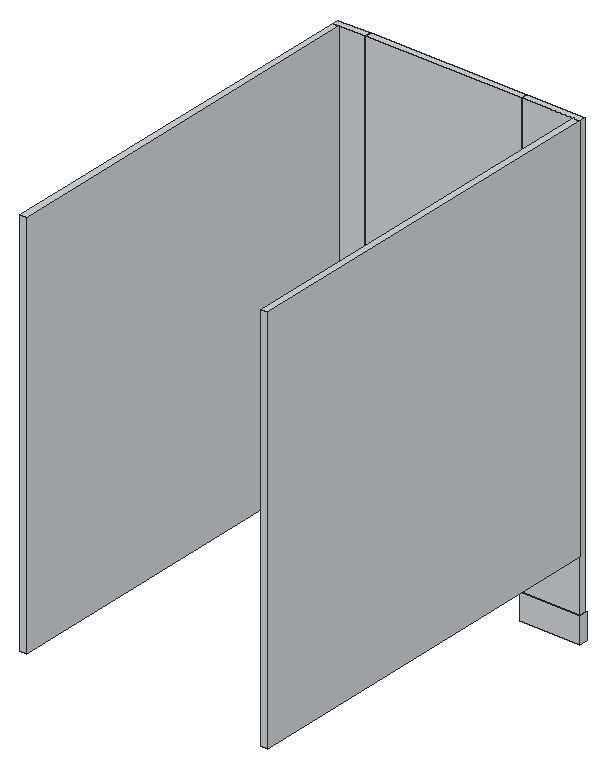
Revit family "API_MY_Restroom Stall_45_other", category Generic Models, Revit 2025
Family settings
  Can host rebar = No
  Round Connector Dimension = Use Diameter
  Part Type = Normal
  OmniClass Number = 23.25.40.14.14.11
  OmniClass Title = Toilet Compartments and Urinal Screens
  Work Plane-Based = No
  Always vertical = Yes
  Cut with Voids When Loaded = No
  Maintain Annotation Orientation = No
  Shared = No
  Room Calculation Point = No
Parameters (values of type "Stall")
  TO Panel = 6' - 0"
  Switch Door Swing [instance] = yes
  Stall Door Width [instance] = 2' - 0"
  Stall Door Shift = 0' - 0"
  Stall Clear Depth [instance] = 5' - 0"
  Stall Clear Width [instance] = 3' - 0"
  Show Door Swing in Elevation [instance] = yes
  Pilaster2Width [instance] = (Stall Clear Width - Stall Door Width) - (Door Offset)  # 0' - 8"
  Door Offset [instance] = 0' - 4"
  Pilaster Shoe Height = 0' - 4"
  Pilaster Shoe Finish (Material) [instance] = none
  Panel on Side 2 [instance] = yes
  Panel on Side 1 [instance] = yes
  Panel Thickness = 0' - 1"
  Panel Finish (Material) [instance] = none
  Keynote = "10 2113.14.TA-14"
  Door Swings In [instance] = yes
  Default Elevation = 0' - 0"
  BO Panel = 1' - 0"
  Assembly Code = "C1010400"
  ACM Version = "1.0"  # constant formula
Reference planes (in)
  plane 1 "Center (Front/Back)": y = 0
  plane 2: z = 0
  plane 3 "Center (Left/Right)": x = 0
  plane 4: y = 60
  plane 5: x = 36
  plane 6: x = 4
  plane 7: y = 85
Lines and regions (in)
  symbolic lines, style "InvisibleLines"
    curve 1: line (18, 0, 0) -> (18, 6, 0)
    curve 2: line (0, 0, 0) -> (36, 0, 0)
Dimensions and locks (in)
  "Stall Clear Depth": plane 4 to plane 1 "Center (Front/Back)"
  "Stall Clear Width": plane 3 "Center (Left/Right)" to plane 5
  locked: plane 3 "Center (Left/Right)" to curve 1 at 18
  "Door Offset": plane 3 "Center (Left/Right)" to plane 6
  locked: nested 3 to plane 4 at 1
  aligned and locked: plane 2 to level
  aligned and locked: plane 3 "Center (Left/Right)" to nested 2
  aligned and locked: plane 1 "Center (Front/Back)" to nested 2
  aligned and locked: nested 1 to plane 5
  aligned and locked: plane 1 "Center (Front/Back)" to nested 1
  aligned and locked: nested 4 to plane 4
  aligned and locked: plane 3 "Center (Left/Right)" to nested 4
  aligned and locked: plane 5 to nested 5
  aligned and locked: nested 5 to plane 4
  aligned and locked: plane 1 "Center (Front/Back)" to curve 1
  aligned and locked: plane 1 "Center (Front/Back)" to curve 2
  aligned and locked: nested 3 to plane 6
  aligned and locked: plane 6 to nested 4
Automatic sketch dimensions
  curve 2 to plane 3 "Center (Left/Right)" = 0' - 0"
  curve 2 to plane 5 = 0' - 0"
  curve 1 to plane 1 "Center (Front/Back)" = 0' - 6"
Nested families (in)
  nested 1: "102113_Panel" at (36.5, 0, 0), TO Panel <- "TO Panel", Panel Thickness <- "Panel Thickness", BO Panel <- "BO Panel", visible <- "Panel on Side 2", Panel Finish (Material) <- "Panel Finish (Material)", Panel Length <- "Stall Clear Depth", type "102113_Panel"
    with TO Panel 6' - 0", Panel Thickness 0' - 1", Panel Length 5' - 0", Panel Finish (Material) none, BO Panel 1' - 0"
  nested 2: "102113_Panel" at (-0.5, 0, 0), TO Panel <- "TO Panel", Panel Thickness <- "Panel Thickness", BO Panel <- "BO Panel", visible <- "Panel on Side 1", Panel Length <- "Stall Clear Depth", type "102113_Panel"
    with TO Panel 6' - 0", Panel Thickness 0' - 1", Panel Length 5' - 0", Panel Finish (Material) none, BO Panel 1' - 0"
  nested 3: "Partiton_Door45" at (15, 60.5, 0), Show Door Swing in Elev <- "Show Door Swing in Elevation", Door Swings Left <- "Switch Door Swing", Door Swings In <- "Door Swings In", Panel Finish (Material) <- "Panel Finish (Material)", Panel Thickness <- "Panel Thickness", TO Door <- "TO Panel", Door Shift <- "Stall Door Shift", Door Width <- "Stall Door Width", BO Door <- "BO Panel", type "Partiton_Door45"
    with TO Door 6' - 0", Show Door Swing in Elev yes, RightSwingVis no, RHR no, RH no, Panel Thickness 0' - 1", Panel Finish (Material) none, OffsetDriver 1' - 0", LeftSwingVis yes, LHR yes, LH no, Door Width 2' - 0", Door Swings Right no, Door Swings Out no, Door Swings Left yes, Door Swings In yes, Door Shift 0' - 0", Door Panel yes, BO Door 1' - 0"
  nested 4: "Left_End Pilaster_FA" at (0, 60, 0), Pilaster Shoe Finish (Material) <- "Pilaster Shoe Finish (Material)", Panel Finish (Material) <- "Panel Finish (Material)", TO Pilaster <- "TO Panel", Pilaster Width <- "Door Offset", Pilaster Shoe Height <- "Pilaster Shoe Height", Panel Thickness <- "Panel Thickness", Adjacent to Panel <- "Panel on Side 1", type "Left_End Pilaster_FA"
    with TO Pilaster 6' - 0", Pilaster Width 0' - 4", Pilaster Shoe Height 0' - 4", Pilaster Shoe Finish (Material) none, Panel Thickness 0' - 1", Panel Finish (Material) none, OffsetDriver 0' - 1", Front Panel yes, Adjacent to Panel yes
  nested 5: "ACM_Right_End Pilaster_FA" at (36, 61, 0) x (-1, 0, 0) z (0, 0, 1), TO Pilaster <- "TO Panel", Pilaster Width <- "Pilaster2Width", Pilaster Shoe Height <- "Pilaster Shoe Height", Panel Thickness <- "Panel Thickness", type "ACM_Right_End Pilaster_FA"
    with TO Pilaster 6' - 0", Pilaster Width 0' - 8", Pilaster Shoe Height 0' - 4", Pilaster Shoe Finish (Material) none, Panel Thickness 0' - 1", Panel Finish (Material) none, OffsetDriver 0' - 1", Front Panel yes, Adjacent to Panel yes
Definition of nested family "102113_Panel"
  Parameters
    TO Panel [instance] = 5' - 10"
    Panel Length [instance] = 5' - 0"
    Panel Thickness [instance] = 0' - 1"
    Panel Finish (Material) [instance] = none
    Default Elevation = 0' - 0"
    BO Panel [instance] = 1' - 0"
    Assembly Code = ""
  Reference planes (in)
    plane 1 "Front": y = 0
    plane 2: z = 0
    plane 3 "Center (Left/Right)": x = 0
    plane 4 "Back": y = 60
    plane 5: x = 0.5
    plane 6: x = -0.5
  Forms (in)
    Extrusion 1, solid, material <- "Panel Finish (Material)"
      sketch origin (0, 0, 0) x (1, 0, 0) y (0, 1, 0)
        loop
          line (-0.5, 0) -> (0.5, 0) -> (0.5, 60) -> (-0.5, 60) -> (-0.5, 0)
      from 12 <- "BO Panel" to 70 <- "TO Panel"
  Dimensions and locks (in)
    "Panel Length": plane 4 "Back" to plane 1 "Front"
    equal spacing: plane 6, plane 3 "Center (Left/Right)", plane 5
    "Panel Thickness": plane 6 to plane 5
    aligned and locked: plane 1 "Front" to Extrusion 1 sketch curve
    aligned and locked: plane 5 to Extrusion 1 sketch curve
    aligned and locked: plane 4 "Back" to Extrusion 1 sketch curve
    aligned and locked: Extrusion 1 sketch curve to plane 6
Definition of nested family "Partiton_Door45"
  Parameters (values of type "Partiton_Door45")
    Show Door Swing in Elev [instance] = yes
    RightSwingVis [instance] = and(Show Door Swing in Elev, Door Swings Right)  # yes
    RHR [instance] = and(Door Swings Right, Door Swings In)  # yes
    RH [instance] = and(Door Swings Right, Door Swings Out)  # no
    Panel Thickness [instance] = 0' - 1"
    TO Door [instance] = 5' - 10"
    Panel Finish (Material) [instance] = none
    Door Shift [instance] = 0' - 0"
    LeftSwingVis [instance] = and(Show Door Swing in Elev, Door Swings Left)  # no
    OffsetDriver [instance] = Door Width / 2 + Door Shift  # 1' - 3"
    LHR [instance] = and(Door Swings Left, Door Swings In)  # no
    LH [instance] = and(Door Swings Left, Door Swings Out)  # no
    Door Width [instance] = 2' - 6"
    Door Swings Right [instance] = not(Door Swings Left)  # yes
    Door Swings Out [instance] = not(Door Swings In)  # no
    Door Swings Left [instance] = no
    Door Swings In [instance] = yes
    Door Panel [instance] = yes
    Default Elevation = 0' - 0"
    BO Door [instance] = 1' - 0"
    Assembly Code = ""
  Reference planes (in)
    plane 1 "Center (Front/Back)": y = 0
    plane 2: z = 0
    plane 3 "Center (Left/Right)": x = 1
    plane 4: z = 12
    plane 5: z = 70
    plane 6 "Door Front": y = 0.5
    plane 7: y = -0.5
    plane 8: x = 16
    plane 9: x = -14
    plane 10: y = -30.5
    plane 11: x = -13
    plane 12: y = 30.5
    plane 13: x = 15
  Forms (in)
    Extrusion 1, solid, material <- "Panel Finish (Material)", visible <- "Door Panel"
      sketch origin (0, 0, 0) x (1, 0, 0) y (0, 1, 0)
        loop
          line (-14, -0.5) -> (16, -0.5) -> (16, 0.5) -> (-14, 0.5) -> (-14, -0.5)
      from 12 <- "BO Door" to 70 <- "TO Door"
  Lines and regions (in)
    symbolic lines, visible <- "LHR"
      curve 1: arc (16, -0.5, 0) -> (13.71639, -11.9805, 0) -> (7.2132, -21.7132, 0) r 30
      curve 17: line (-14, -0.5, 0) -> (-13.29289, 0.20711, 0)
      curve 18: line (7.2132, -21.7132, 0) -> (-14, -0.5, 0)
      curve 19: line (7.92031, -21.0061, 0) -> (7.2132, -21.7132, 0)
      curve 20: line (-13.29289, 0.20711, 0) -> (7.92031, -21.0061, 0)
    symbolic lines, visible <- "LH"
      curve 2: arc (16, 0.5, 0) -> (13.71639, 11.9805, 0) -> (7.2132, 21.7132, 0) r 30
      curve 9: line (7.2132, 21.7132, 0) -> (7.92031, 21.0061, 0)
      curve 10: line (-14, 0.5, 0) -> (7.2132, 21.7132, 0)
      curve 11: line (-13.29289, -0.20711, 0) -> (-14, 0.5, 0)
      curve 12: line (7.92031, 21.0061, 0) -> (-13.29289, -0.20711, 0)
    symbolic lines, visible <- "RH"
      curve 3: arc (-5.2132, 21.7132, 0) -> (-11.71639, 11.9805, 0) -> (-14, 0.5, 0) r 30
      curve 13: line (16, 0.5, 0) -> (15.29289, -0.20711, 0)
      curve 14: line (-5.2132, 21.7132, 0) -> (16, 0.5, 0)
      curve 15: line (-5.92031, 21.0061, 0) -> (-5.2132, 21.7132, 0)
      curve 16: line (15.29289, -0.20711, 0) -> (-5.92031, 21.0061, 0)
    symbolic lines, visible <- "RHR"
      curve 4: arc (-5.2132, -21.7132, 0) -> (-11.71639, -11.9805, 0) -> (-14, -0.5, 0) r 30
      curve 21: line (16, -0.5, 0) -> (15.29289, 0.20711, 0)
      curve 22: line (-5.2132, -21.7132, 0) -> (16, -0.5, 0)
      curve 23: line (-5.92031, -21.0061, 0) -> (-5.2132, -21.7132, 0)
      curve 24: line (15.29289, 0.20711, 0) -> (-5.92031, -21.0061, 0)
    model lines, visible <- "LeftSwingVis"
      curve 5: line (16, 0.5, 70) -> (-14, 0.5, 41)
      curve 6: line (-14, 0.5, 41) -> (16, 0.5, 12)
    model lines, visible <- "RightSwingVis"
      curve 7: line (-14, 0.5, 70) -> (16, 0.5, 41)
      curve 8: line (16, 0.5, 41) -> (-14, 0.5, 12)
  Dimensions and locks (in)
    equal spacing: plane 7, plane 1 "Center (Front/Back)", plane 6 "Door Front"
    "Panel Thickness": plane 6 "Door Front" to plane 7
    "Door Width": plane 9 to plane 8
    "Door Width": plane 7 to plane 10
    "Panel Thickness": plane 9 to plane 11
    equal spacing: plane 4, curve 6, plane 5
    "Door Width": plane 12 to plane 6 "Door Front"
    equal spacing: plane 5, curve 8, plane 4
    "Panel Thickness": plane 13 to plane 8
    "BO Door": plane 4 to level
    "TO Door": plane 5 to level
    "OffsetDriver": plane 9 to plane 3 "Center (Left/Right)"
    aligned and locked: plane 9 to Extrusion 1 sketch curve
    aligned and locked: plane 6 "Door Front" to Extrusion 1 sketch curve
    aligned and locked: plane 8 to Extrusion 1 sketch curve
    aligned and locked: Extrusion 1 sketch curve to plane 7
  Automatic sketch dimensions
    curve 5 to plane 5 = 0' - 0"
    curve 5 to plane 8 = 0' - 0"
    curve 5 to plane 9 = 0' - 0"
    curve 6 to plane 4 = 0' - 0"
    curve 6 to plane 8 = 0' - 0"
    curve 7 to plane 5 = 0' - 0"
    curve 7 to plane 9 = 0' - 0"
    curve 8 to plane 8 = 0' - 0"
    curve 8 to plane 4 = 0' - 0"
    curve 8 to plane 9 = 0' - 0"
    curve 1 to plane 7 = 0' - 0"
    curve 1 to plane 9 = 0' - 0"
    curve 10 to plane 6 "Door Front" = 0' - 0"
    curve 10 to plane 9 = 0' - 0"
    curve 2 to plane 6 "Door Front" = 0' - 0"
    curve 2 to plane 9 = 0' - 0"
    curve 18 to plane 7 = 0' - 0"
    curve 18 to plane 9 = 0' - 0"
    curve 13 to plane 6 "Door Front" = 0' - 0"
    curve 13 to plane 8 = 0' - 0"
    curve 4 to plane 8 = 0' - 0"
    curve 22 to plane 7 = 0' - 0"
    curve 22 to plane 8 = 0' - 0"
    curve 1 to plane 8 = 0' - 0"
    curve 3 to plane 8 = 0' - 0"
    curve 2 to plane 8 = 0' - 0"
    curve 20 to plane 1 "Center (Front/Back)" = 0' - 0.20711"
    curve 10 to curve 20 = 0' - 0.70711"
    plane 1 "Center (Front/Back)" to curve 12 = 0' - 0.20711"
    curve 12 to curve 17 = 0' - 0"
    curve 24 to plane 3 "Center (Left/Right)" = 0' - 6.92031"
    curve 15 to plane 3 "Center (Left/Right)" = 0' - 6.92031"
    curve 15 to curve 14 = 0' - 0.70711"
    curve 23 to curve 23 = 0' - 0.70711"
Definition of nested family "Left_End Pilaster_FA"
  Parameters (values of type "102113_End Pilaster_FA")
    TO Pilaster [instance] = 6' - 10"
    Pilaster Width [instance] = 0' - 4"
    Pilaster Shoe Height [instance] = 0' - 4"
    Panel Thickness [instance] = 0' - 1"
    Front Panel [instance] = yes
    Default Elevation = 0' - 0"
    Adjacent to Panel [instance] = yes
    Pilaster Shoe Finish (Material) [instance] = none
    Panel Finish (Material) [instance] = none
    OffsetDriver [instance] = if(Adjacent to Panel, Panel Thickness, 0' 0")  # 0' - 1"
  Reference planes (in)
    plane 1 "Center (Front/Back)": y = 0
    plane 2: z = 0
    plane 3 "Center (Left/Right)": x = 0
    plane 4: x = 4
    plane 5: x = -1
    plane 6: y = 1
    plane 7: z = 4
    plane 8: z = 82
  Forms (in)
    Extrusion 1, solid, material <- "Pilaster Shoe Finish (Material)", visible <- "Front Panel"
      sketch origin (0, 0, 0) x (1, 0, 0) y (0, 1, 0)
        loop
          line (-1.125, 1.125) -> (-1.125, -0.125) -> (4.125, -0.125) -> (4.125, 1.125) -> (-1.125, 1.125)
      from 0 to 4
    Extrusion 2, solid, material <- "Panel Finish (Material)", visible <- "Front Panel"
      sketch origin (0, 0, 0) x (1, 0, 0) y (0, 1, 0)
        loop
          line (-1, 1) -> (-1, 0) -> (4, 0) -> (4, 1) -> (-1, 1)
      from 4 to 82
  Dimensions and locks (in)
    "OffsetDriver": plane 5 to plane 3 "Center (Left/Right)"
    "Pilaster Shoe Height": plane 7 to level
    "TO Pilaster": plane 8 to level
    locked: plane 4 to Extrusion 1 sketch curve at 0.125
    locked: Extrusion 1 sketch curve to plane 5 at 0.125
    locked: Extrusion 1 sketch curve to plane 6 at 0.125
    "Panel Thickness": plane 1 "Center (Front/Back)" to plane 6
    locked: Extrusion 1 sketch curve to plane 1 "Center (Front/Back)" at 0.125
    "Pilaster Width": plane 3 "Center (Left/Right)" to plane 4
    aligned and locked: plane 2 to level
    aligned and locked: Extrusion 1 to level
    aligned and locked: plane 7 to Extrusion 1
    aligned and locked: plane 4 to Extrusion 2 sketch curve
    aligned and locked: Extrusion 2 sketch curve to plane 6
    aligned and locked: plane 5 to Extrusion 2 sketch curve
    aligned and locked: plane 8 to Extrusion 2
    aligned and locked: Extrusion 2 to plane 7
    aligned and locked: Extrusion 2 sketch curve to plane 1 "Center (Front/Back)"
Definition of nested family "ACM_Right_End Pilaster_FA"
  Parameters (values of type "ACM_rIGHT_End Pilaster_FA")
    TO Pilaster [instance] = 6' - 10"
    Pilaster Width [instance] = 0' - 4"
    Pilaster Shoe Height [instance] = 0' - 4"
    Panel Thickness [instance] = 0' - 1"
    Front Panel [instance] = yes
    Default Elevation = 0' - 0"
    Adjacent to Panel [instance] = yes
    Pilaster Shoe Finish (Material) [instance] = none
    Panel Finish (Material) [instance] = none
    OffsetDriver [instance] = if(Adjacent to Panel, Panel Thickness, 0' 0")  # 0' - 1"
  Reference planes (in)
    plane 1 "Center (Front/Back)": y = 0
    plane 2: z = 0
    plane 3 "Center (Left/Right)": x = 0
    plane 4: x = 4
    plane 5: x = -1
    plane 6: y = 1
    plane 7: z = 4
    plane 8: z = 82
  Forms (in)
    Extrusion 1, solid, material <- "Pilaster Shoe Finish (Material)", visible <- "Front Panel"
      sketch origin (0, 0, 0) x (1, 0, 0) y (0, 1, 0)
        loop
          line (-1.125, 1.125) -> (-1.125, -0.125) -> (4.125, -0.125) -> (4.125, 1.125) -> (-1.125, 1.125)
      from 0 to 4
    Extrusion 2, solid, material <- "Panel Finish (Material)", visible <- "Front Panel"
      sketch origin (0, 0, 0) x (1, 0, 0) y (0, 1, 0)
        loop
          line (-1, 1) -> (-1, 0) -> (4, 0) -> (4, 1) -> (-1, 1)
      from 4 to 82
  Dimensions and locks (in)
    "OffsetDriver": plane 5 to plane 3 "Center (Left/Right)"
    "Pilaster Shoe Height": plane 7 to level
    "TO Pilaster": plane 8 to level
    locked: plane 4 to Extrusion 1 sketch curve at 0.125
    locked: Extrusion 1 sketch curve to plane 5 at 0.125
    locked: Extrusion 1 sketch curve to plane 6 at 0.125
    "Panel Thickness": plane 1 "Center (Front/Back)" to plane 6
    locked: Extrusion 1 sketch curve to plane 1 "Center (Front/Back)" at 0.125
    "Pilaster Width": plane 3 "Center (Left/Right)" to plane 4
    aligned and locked: plane 2 to level
    aligned and locked: Extrusion 1 to level
    aligned and locked: plane 7 to Extrusion 1
    aligned and locked: plane 4 to Extrusion 2 sketch curve
    aligned and locked: Extrusion 2 sketch curve to plane 6
    aligned and locked: plane 5 to Extrusion 2 sketch curve
    aligned and locked: plane 8 to Extrusion 2
    aligned and locked: Extrusion 2 to plane 7
    aligned and locked: Extrusion 2 sketch curve to plane 1 "Center (Front/Back)"
